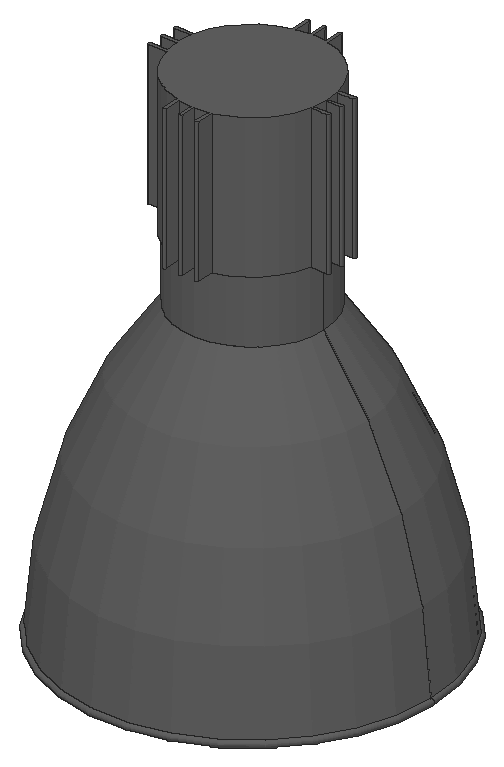
Revit family "CD14", category Lighting Fixtures, Revit 2024
Family settings
  Round Connector Dimension = Use Diameter
  Part Type = Normal
  OmniClass Number = 23.80.70.00
  OmniClass Title = Lighting
  Work Plane-Based = No
  Always vertical = Yes
  Cut with Voids When Loaded = No
  Light Source = No
  Maintain Annotation Orientation = No
  Shared = No
  Room Calculation Point = No
Parameters
  Default Elevation = 0' - 0"
Reference planes (in)
  plane 1 "Light Source Axis (F/B)": y = 0
  plane 2: z = 0
  plane 3 "Light Source Axis (L/R)": x = 0
  plane 4 "Light Source Elevation": z = 54
Forms (in)
  Sweep 1, solid, material "GLASS SHADE", not visible
    path origin (75.968, 0, 0.00093) x (1, 0, 0) y (0, 0, 1)
      loop
        arc (-4.5864, 68.3252) -> (-8.91952, 61.72019) -> (-10.59309, 54) r 21.63816
    profile origin (67.04848, 0, 61.72112) x (0.922209, 0, -0.386691) y (0, -1, 0)
      loop
        circle (0, 0) r 0.03125
  Revolve 2, solid, material "41"
    sketch origin (0, 0, 0) x (1, 0, 0) y (0, 0, 1)
      loop
        line (2.75, 65.51436) -> (2.75, 68) -> (0.7054, 68) -> (0.7054, 67.90625) -> (2.65625, 67.90625) -> (2.65625, 65.48055)
        arc (2.65625, 65.48055) -> (5.69274, 60.20026) -> (6.78074, 54.2071) r 17.88217
        arc (6.78074, 54.2071) -> (6.92719, 54.01142) -> (6.87409, 54.25) r 0.125
        arc (6.87409, 54.25) -> (5.77937, 60.23633) -> (2.75, 65.51436) r 17.97592
      axis (0, 68) -> (0, 54.2071)
    angle from 0 to 360
  Extrusion 3, solid, material "41"
    sketch origin (-33.82324, -11.72601, 68) x (1, 0, 0) y (0, 1, 0)
      loop
        arc (36.64267, 11.16351) -> (36.68107, 11.4123) -> (36.69756, 11.66351) r 2.875
        line (36.69756, 11.66351) -> (37.26074, 11.66351)
        arc (37.26074, 11.66351) -> (37.32324, 11.72601) -> (37.26074, 11.78851) r 0.0625
        line (37.26074, 11.78851) -> (36.69756, 11.78851)
        arc (36.69756, 11.78851) -> (36.68107, 12.03971) -> (36.64267, 12.28851) r 2.875
        line (36.64267, 12.28851) -> (37.26074, 12.28851)
        arc (37.26074, 12.28851) -> (37.32324, 12.35101) -> (37.26074, 12.41351) r 0.0625
        line (37.26074, 12.41351) -> (36.61483, 12.41351)
        arc (36.61483, 12.41351) -> (35.85617, 13.75894) -> (34.51074, 14.51759) r 2.875
        line (34.51074, 14.51759) -> (34.51074, 15.16351)
        arc (34.51074, 15.16351) -> (34.44824, 15.22601) -> (34.38574, 15.16351) r 0.0625
        line (34.38574, 15.16351) -> (34.38574, 14.54544)
        arc (34.38574, 14.54544) -> (34.13694, 14.58384) -> (33.88574, 14.60033) r 2.875
        line (33.88574, 14.60033) -> (33.88574, 15.16351)
        arc (33.88574, 15.16351) -> (33.82324, 15.22601) -> (33.76074, 15.16351) r 0.0625
        line (33.76074, 15.16351) -> (33.76074, 14.60033)
        arc (33.76074, 14.60033) -> (33.50953, 14.58384) -> (33.26074, 14.54544) r 2.875
        line (33.26074, 14.54544) -> (33.26074, 15.16351)
        arc (33.26074, 15.16351) -> (33.19824, 15.22601) -> (33.13574, 15.16351) r 0.0625
        line (33.13574, 15.16351) -> (33.13574, 14.51759)
        arc (33.13574, 14.51759) -> (31.7903, 13.75894) -> (31.03165, 12.41351) r 2.875
        line (31.03165, 12.41351) -> (30.38574, 12.41351)
        arc (30.38574, 12.41351) -> (30.32324, 12.35101) -> (30.38574, 12.28851) r 0.0625
        line (30.38574, 12.28851) -> (31.0038, 12.28851)
        arc (31.0038, 12.28851) -> (30.9654, 12.03971) -> (30.94892, 11.78851) r 2.875
        line (30.94892, 11.78851) -> (30.38574, 11.78851)
        arc (30.38574, 11.78851) -> (30.32324, 11.72601) -> (30.38574, 11.66351) r 0.0625
        line (30.38574, 11.66351) -> (30.94892, 11.66351)
        arc (30.94892, 11.66351) -> (30.9654, 11.4123) -> (31.0038, 11.16351) r 2.875
        line (31.0038, 11.16351) -> (30.38574, 11.16351)
        arc (30.38574, 11.16351) -> (30.32324, 11.10101) -> (30.38574, 11.03851) r 0.0625
        line (30.38574, 11.03851) -> (31.06853, 11.03851)
        arc (31.06853, 11.03851) -> (31.81378, 9.70657) -> (33.13574, 8.94376) r 2.875
        line (33.13574, 8.94376) -> (33.13574, 8.28851)
        arc (33.13574, 8.28851) -> (33.19824, 8.22601) -> (33.26074, 8.28851) r 0.0625
        line (33.26074, 8.28851) -> (33.26074, 8.90657)
        arc (33.26074, 8.90657) -> (33.50953, 8.86817) -> (33.76074, 8.85169) r 2.875
        line (33.76074, 8.85169) -> (33.76074, 8.28851)
        arc (33.76074, 8.28851) -> (33.82324, 8.22601) -> (33.88574, 8.28851) r 0.0625
        line (33.88574, 8.28851) -> (33.88574, 8.85169)
        arc (33.88574, 8.85169) -> (34.13694, 8.86817) -> (34.38574, 8.90657) r 2.875
        line (34.38574, 8.90657) -> (34.38574, 8.28851)
        arc (34.38574, 8.28851) -> (34.44824, 8.22601) -> (34.51074, 8.28851) r 0.0625
        line (34.51074, 8.28851) -> (34.51074, 8.93442)
        arc (34.51074, 8.93442) -> (35.85617, 9.69307) -> (36.61483, 11.03851) r 2.875
        line (36.61483, 11.03851) -> (37.26074, 11.03851)
        arc (37.26074, 11.03851) -> (37.32324, 11.10101) -> (37.26074, 11.16351) r 0.0625
        line (37.26074, 11.16351) -> (36.64267, 11.16351)
    from 0 to 5.5
Dimensions and locks (in)
  aligned and locked: level to plane 2
